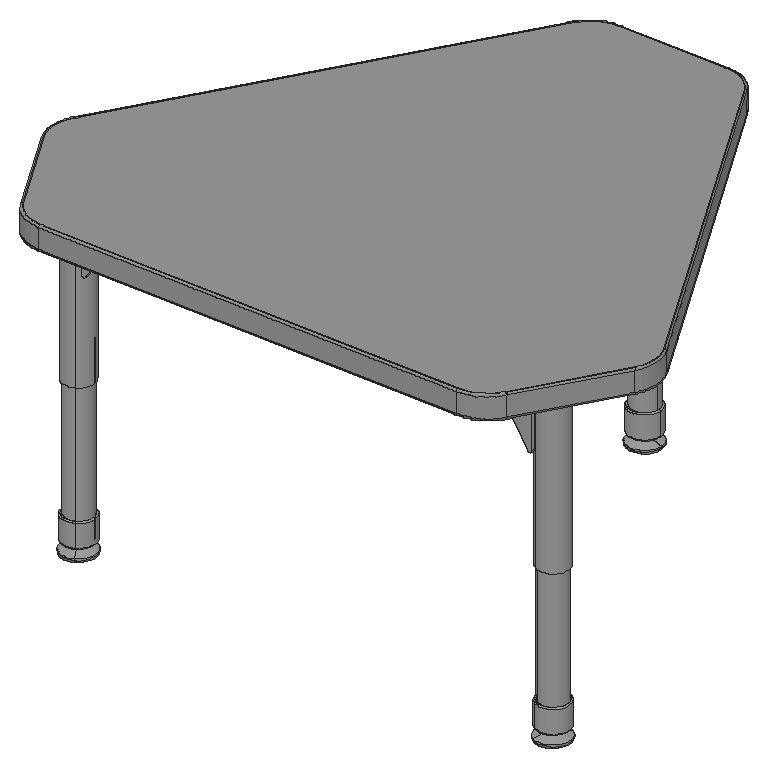
Revit family "Hierarchy Monroe Petite Desk - Youth Height", category Furniture, Revit 2018
Family settings
  Work Plane-Based = No
  Always vertical = Yes
  Cut with Voids When Loaded = No
  Shared = No
  Room Calculation Point = No
Parameters
  Table Height = 1' - 4"
  Surface = Hierarchy Monroe Petite Desk Youth Surface
  Leg Finish = Hierarchy Leg Platinum
  Edgeband = Hierarchy Monroe Petite Desk Youth Edgeband
  Caster/Glide = Hierarchy Youth Leg - Glide : Hierarchy Youth Leg - Glide
Reference planes (in)
  plane 1 "Center (Front/Back)": y = 0
  plane 2: z = 0
  plane 3 "Center (Left/Right)": x = 0
  plane 4: z = 16
Dimensions and locks (in)
  "Table Height": plane 4 to level
  aligned and locked: plane 2 to level
  aligned and locked: nested 3 to plane 4
Nested families (in)
  nested 1: "Hierarchy Youth Leg - Glide" at (12.00931, -12.55551, 0) x (-0.5, -0.866, 0) z (0, 0, 1), Leg Finish <- "Leg Finish", Leg Height <- "Table Height", type "Hierarchy Youth Leg - Glide"
    with Leg Height 1' - 4", Leg Finish Hierarchy Leg Platinum
  nested 2: "Hierarchy Youth Leg - Glide" at (0, 8.24523, 0), Leg Finish <- "Leg Finish", Leg Height <- "Table Height", type <- "Caster/Glide", type "Hierarchy Youth Leg - Glide"
    with Leg Height 1' - 4", Leg Finish Hierarchy Leg Platinum
  nested 3: "Hierarchy Monroe Petite Tabletop" at (0, 0, -7.925), type "Hierarchy Monroe Petite Tabletop"
  nested 4: "Hierarchy Youth Leg - Glide" at (-12.00931, -12.55551, 0) x (0.5, -0.866, 0) z (0, 0, 1), type <- "Caster/Glide", Leg Finish <- "Leg Finish", Leg Height <- "Table Height", type "Hierarchy Youth Leg - Glide"
    with Leg Height 1' - 4", Leg Finish Hierarchy Leg Platinum
Definition of nested family "Hierarchy Youth Leg - Glide"
  Parameters (values of type "Hierarchy Youth Leg - Glide")
    Leg Finish [instance] = none
    Leg Height [instance] = 1' - 4.80117"
  Reference planes (in)
    plane 1 "Center (Front/Back)": y = 0
    plane 2: z = 0
    plane 3 "Center (Left/Right)": x = 0
  Forms (in)
    Extrusion 1, solid
      sketch origin (-0.01562, 0, 0) x (1, 0, 0) y (0, 1, 0)
        loop
          circle (0.01563, 0) r 0.67016
      from 0.67618 to 10.55018
    Revolve 2, solid
      sketch origin (0, 0, 0) x (1, 0, 0) y (0, 0, 1)
        loop
          line (-0.73189, 1.80118) -> (-0.79439, 1.73867) -> (-0.79439, 0.61381) -> (-0.73176, 0.55118) -> (-0.125, 0.55118) -> (-0.125, 0.42618) -> (-0.84656, 0.16241) -> (-0.84656, 0.08994) -> (-0.81359, 0) -> (0, 0) -> (0, 1.80118) -> (-0.73189, 1.80118)
        axis (0, 1.80118) -> (0, 0)
      angle from 0 to 360
  Dimensions and locks (in)
    "Leg Height": nested 1 to level  (x2)
    aligned and locked: plane 2 to level
  Automatic sketch dimensions
    plane 1 "Center (Front/Back)" to Extrusion 1 sketch curve = 0' - 0"
    Extrusion 1 sketch curve to plane 3 "Center (Left/Right)" = 0' - 0"
    Revolve 2 sketch curve to level = 0' - 0"
    Revolve 2 sketch curve to plane 3 "Center (Left/Right)" = 0' - 0"  (x2)
    Revolve 2 sketch curve to plane 3 "Center (Left/Right)" = 0' - 0 1/8"
    Revolve 2 sketch curve to Revolve 2 sketch curve = 0' - 0.60676"
    Revolve 2 sketch curve to Revolve 2 sketch curve = 0' - 0.73189"
    Revolve 2 sketch curve to Revolve 2 sketch curve = 0' - 0.06263"  (x2)
    Revolve 2 sketch curve to Revolve 2 sketch curve = 0' - 0.08183"
    Revolve 2 sketch curve to Revolve 2 sketch curve = 0' - 0.03297"
    level to Revolve 2 sketch curve = 0' - 0.08994"
    Revolve 2 sketch curve to Revolve 2 sketch curve = 0' - 0.07247"
    level to Revolve 2 sketch curve = 0' - 0.42618"
    Revolve 2 sketch curve to Revolve 2 sketch curve = 0' - 0 1/8"
    Revolve 2 sketch curve to Revolve 2 sketch curve = 0' - 1.12486"
    Revolve 2 sketch curve to Revolve 2 sketch curve = 0' - 0 1/16"
    Revolve 2 sketch curve to level = 2' - 0"
    Revolve 2 sketch curve to Revolve 2 sketch curve = 8' - 4.91764"
    radius of Extrusion 1 sketch curve = 0' - 0.67016"
  Nested families (in)
    nested 1: "Hierarchy Youth Upper Leg 2023" at (0, 0, 0), Leg Finish <- "Leg Finish", type "Hierarchy Youth Upper Leg 2023"
      with Leg Finish none
  Definition of nested family "Hierarchy Youth Upper Leg 2023"
    Parameters (values of type "Hierarchy Youth Upper Leg 2023")
      Leg Finish [instance] = none
    Reference planes (in)
      plane 1 "Center (Front/Back)": y = 0
      plane 2: z = 0
      plane 3 "Center (Left/Right)": x = 0
    Forms (in)
      Extrusion 1, solid, material <- "Leg Finish"
        sketch origin (0, 0, -11.001) x (1, 0, 0) y (0, 1, 0)
          loop
            circle (0, 0) r 0.75
        from 19.67618 to 27.67618
      Extrusion 2, solid, material <- "Leg Finish"
        sketch origin (0, 0, -11.001) x (1, 0, 0) y (0, 1, 0)
          loop
            line (-1.70174, 0.19183) -> (-2.88626, -2.26116)
            arc (-2.88626, -2.26116) -> (-2.83993, -3.09822) -> (-2.1063, -3.50394) r 0.86614
            line (-2.1063, -3.50394) -> (2.1063, -3.50394)
            arc (2.1063, -3.50394) -> (2.83993, -3.09822) -> (2.88626, -2.26116) r 0.86614
            line (2.88626, -2.26116) -> (1.70174, 0.19183)
            arc (1.70174, 0.19183) -> (0, 1.25984) -> (-1.70174, 0.19183) r 1.88976
        from 27.67618 to 27.80217
      Extrusion 3, solid, material <- "Leg Finish"
        sketch origin (-1.48519, 8.66524, -11.001) x (-0.434844, 0.900506, 0) y (0, 0, 1)
          loop
            line (-9.01425, 27.67618) -> (-11.80952, 27.67618)
            arc (-11.80952, 27.67618) -> (-11.92325, 27.58993) -> (-11.87088, 27.45715) r 0.11811
            arc (-11.87088, 27.45715) -> (-10.39364, 26.29679) -> (-9.23328, 24.81955) r 7.87402
            arc (-9.23328, 24.81955) -> (-9.1005, 24.76717) -> (-9.01425, 24.88091) r 0.11811
            line (-9.01425, 24.88091) -> (-9.01425, 27.67618)
        from -1.94075 to -1.81476
      Extrusion 4, solid, material <- "Leg Finish"
        sketch origin (1.48519, 8.66524, -11.001) x (0.434844, 0.900506, 0) y (0, 0, -1)
          loop
            line (-9.01425, -27.67618) -> (-9.01425, -24.88091)
            arc (-9.01425, -24.88091) -> (-9.1005, -24.76717) -> (-9.23328, -24.81955) r 0.11811
            arc (-9.23328, -24.81955) -> (-10.39364, -26.29679) -> (-11.87088, -27.45715) r 7.87402
            arc (-11.87088, -27.45715) -> (-11.92325, -27.58993) -> (-11.80952, -27.67618) r 0.11811
            line (-11.80952, -27.67618) -> (-9.01425, -27.67618)
        from -1.94075 to -1.81476
    Dimensions and locks (in)
      aligned and locked: plane 2 to level
Definition of nested family "Hierarchy Monroe Petite Tabletop"
  Parameters (values of type "Hierarchy Monroe Petite Tabletop")
    Surface = none
    Edgeband = none
  Reference planes (in)
    plane 1 "Center (Front/Back)": y = 0
    plane 2: z = 0
    plane 3 "Center (Left/Right)": x = 0
  Forms (in)
    Extrusion 1, solid, material <- "Surface"
      sketch origin (0, 0, 0) x (1, 0, 0) y (0, 1, 0)
        loop
          line (2.71892, 10.04523) -> (-2.71892, 10.04523)
          arc (-2.71892, 10.04523) -> (-3.67064, 9.79022) -> (-4.36734, 9.09351) r 1.90344
          line (-4.36734, 9.09351) -> (-14.92626, -9.19507)
          arc (-14.92626, -9.19507) -> (-15.18128, -10.14679) -> (-14.92626, -11.09851) r 1.90344
          line (-14.92626, -11.09851) -> (-12.20734, -15.80782)
          arc (-12.20734, -15.80782) -> (-11.51064, -16.50452) -> (-10.55892, -16.75954) r 1.90344
          line (-10.55892, -16.75954) -> (10.55892, -16.75954)
          arc (10.55892, -16.75954) -> (11.51064, -16.50452) -> (12.20734, -15.80782) r 1.90344
          line (12.20734, -15.80782) -> (14.92626, -11.09851)
          arc (14.92626, -11.09851) -> (15.18128, -10.14679) -> (14.92626, -9.19507) r 1.90344
          line (14.92626, -9.19507) -> (4.36734, 9.09351)
          arc (4.36734, 9.09351) -> (3.67064, 9.79022) -> (2.71892, 10.04523) r 1.90344
      from 23.925 to 25.125
    Sweep 2, solid, material <- "Edgeband"
      path origin (0, 0, 0) x (1, 0, 0) y (0, 1, 0)
        loop
          line (2.71892, 10.04523) -> (-2.71892, 10.04523)
          arc (-2.71892, 10.04523) -> (-3.67064, 9.79022) -> (-4.36734, 9.09351) r 1.90344
          line (-4.36734, 9.09351) -> (-14.92626, -9.19507)
          arc (-14.92626, -9.19507) -> (-15.18128, -10.14679) -> (-14.92626, -11.09851) r 1.90344
          line (-14.92626, -11.09851) -> (-12.20734, -15.80782)
          arc (-12.20734, -15.80782) -> (-11.51064, -16.50452) -> (-10.55892, -16.75954) r 1.90344
          line (-10.55892, -16.75954) -> (10.55892, -16.75954)
          arc (10.55892, -16.75954) -> (11.51064, -16.50452) -> (12.20734, -15.80782) r 1.90344
          line (12.20734, -15.80782) -> (14.92626, -11.09851)
          arc (14.92626, -11.09851) -> (15.18128, -10.14679) -> (14.92626, -9.19507) r 1.90344
          line (14.92626, -9.19507) -> (4.36734, 9.09351)
          arc (4.36734, 9.09351) -> (3.67064, 9.79022) -> (2.71892, 10.04523) r 1.90344
      profile origin (0, 10.04523, 0) x (0, -1, 0) y (0, 0, 1)
        loop
          arc (0, 25.125) -> (-0.07071, 25.09571) -> (-0.1, 25.025) r 0.1
          line (-0.1, 25.025) -> (-0.1, 24.025)
          arc (-0.1, 24.025) -> (-0.07071, 23.95429) -> (0, 23.925) r 0.1
          line (0, 23.925) -> (0, 25.125)
  Dimensions and locks (in)
    aligned and locked: plane 2 to level
